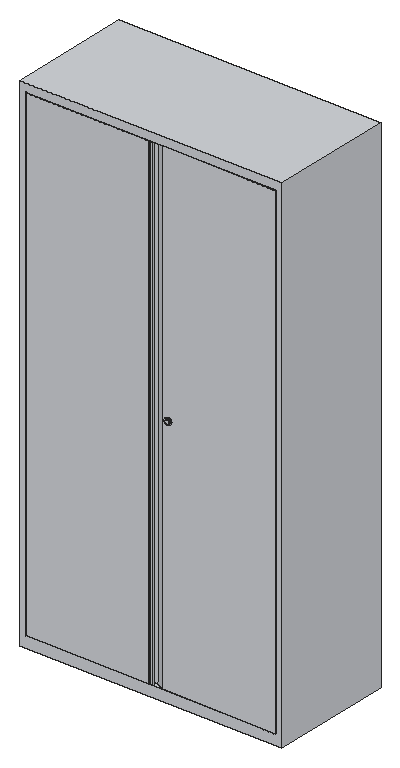
Revit family "BISLEY_SystemFile_Two_Door_Cupboards", category Furniture, Revit 2018
Family settings
  OmniClass Number = 23.40.20.00
  OmniClass Title = General Furniture and Specialties
  Work Plane-Based = No
  Always vertical = Yes
  Cut with Voids When Loaded = No
  Shared = No
  Room Calculation Point = No
Parameters (values of type "SYD10/6")
  Width = 1000 mm
  Warranty = "10 years"  # constant formula
  Uniclass2015Version = ""
  Uniclass2015Title = ""
  Uniclass 2015 Code = "PR_40_30_57"  # constant formula
  URL = "www.bisley.com"
  Training Requirements for Operational Use = "N/A"  # constant formula
  Routine Maintenance = "We recommend you clean your unit with warm water and a mild detergent solution. A damp cloth can be used to remove dust particles."  # constant formula
  Range = "SystemFile"  # constant formula
  Product Information = "Furniture"  # constant formula
  Model Reference = "SYD10/6"
  Model Number = ""
  Material = "Steel"  # constant formula
  Manufacturer = "Bisley"  # constant formula
  Height = 1947 mm
  Finish = "Powder Coated"  # constant formula
  Description = "Two Door Cupboard"  # constant formula
  Depth = 470 mm
  Compliance Standards Certification = "BS EN 14073 2004 Part 2 & 3, BS EN 14074, BS 4875 1998 Part 7 level 4 & Part 8, BS 476 Part 7 1987 Class 2Y"  # constant formula
  Category = "Cupboard"  # constant formula
  Author = "Bisley"  # constant formula
Types (17, lengths in mm): name | Width | URL | Model Reference | Height
  (no name) | 1000 | "www.bisley.com" | "SYD10/6" | 1947
  SYD08/2 | 800 | "www.bisley.com" | "SYD08/2" | 693
  SYD08/3 | 800 | "www.bisley.com" | "STD08/3" | 997
  SYD08/34 | 800 | "www.bisley.com" | "SYC08/34" | 1149
  SYD08/4 | 800 | "www.bisley.com" | "SYD08/4" | 1301
  SYD08/43 | 800 | "www.bisley.com" | "SYD08/43" | 1415
  SYD08/50 | 800 | "www.Bisley.com" | "SYD08/50" | 1643
  SYD08/54 | 800 | "www.bisley.com" | "SYD08/54" | 1795
  SYD08/6 | 800 | "www.bisley.com" | "SYC08/6" | 1947
  SYD10/2 | 1000 | "www.bisley.com" | "SYD10/2" | 693
  SYD10/3 | 1000 | "www.bisley.com" | "SYD10/3" | 997
  SYD10/34 | 1000 | "www.bisley.com" | "SYD10/34" | 1149
  SYD10/4 | 1000 | "www.bisley.com" | "SYD10/4" | 1301
  SYD10/43 | 1000 | "www.bisley.com" | "SYD10/43" | 1415
  SYD10/50 | 1000 | "www.bisley.com" | "SYD10/50" | 1643
  SYD10/54 | 1000 | "www.bisley.com" | "SYD10/54" | 1795
  SYD10/6 | 1000 | "www.bisley.com" | "SYD10/6" | 1947
Reference planes
  plane 1 "Center (Front/Back)": y = 0
  plane 2: z = 7
  plane 3 "Center (Left/Right)": x = 0
  plane 4: x = -500
  plane 5: x = 500
  plane 6: y = 235
  plane 7: y = -235
  plane 8: z = 1954
  plane 9: z = 20
  plane 10: z = 60
  plane 11: x = -480
  plane 12: x = 480
  plane 13: y = 230
  plane 14: y = -215
  plane 15: z = 63
  plane 16: x = -477
  plane 17: x = 415
  plane 18: x = -415
  plane 19: y = -190
  plane 20: y = 190
  plane 21: z = 974
  plane 22: z = 987
  plane 23: x = 477
Forms (mm)
  Extrusion 1, solid
    sketch origin (0, 0, 7) x (1, 0, 0) y (0, 1, 0)
      loop
        line (-500, 235) -> (-500, -235) -> (500, -235) -> (500, 235) -> (-500, 235)
    from 13 to 1947
  Extrusion 2, void
    sketch origin (0, 0, 0) x (1, 0, 0) y (0, 0, 1)
      loop
        line (-480, 1924) -> (-480, 60) -> (480, 60) -> (480, 1924) -> (-480, 1924)
    from -230 to 235
  Extrusion 3, solid, not visible
    sketch origin (-14, 0, -11.486) x (0, 0, -1) y (0, -1, 0)
      loop
        line (-375, 215) -> (-73.486, 215) -> (-73.486, 235) -> (-323.022, 235) -> (-358, 216.402) -> (-373.358, 216.402) -> (-373.358, 233.251) -> (-358, 233.251) -> (-358, 235) -> (-375, 235) -> (-375, 215)
    from -391 to 363
  Extrusion 4, solid
    sketch origin (0, 0, 7) x (1, 0, 0) y (0, 1, 0)
      loop
        circle (415, 190) r 25
      loop
        circle (415, -190) r 25
      loop
        circle (-415, -190) r 25
      loop
        circle (-415, 190) r 25
    from 0 to 9
  Extrusion 5, solid
    sketch origin (0, 0, 7) x (1, 0, 0) y (0, 1, 0)
      loop
        circle (-415, 190) r 10
      loop
        circle (415, 190) r 10
      loop
        circle (415, -190) r 10
      loop
        circle (-415, -190) r 10
    from 9 to 13
  Extrusion 6, solid
    sketch origin (0, 0, 63) x (1, 0, 0) y (0, 1, 0)
      loop
        line (14.375, -218.749) -> (46.285, -235.008) -> (477, -235.008) -> (477, -217.008) -> (-8.715, -217.008) -> (-8.715, -235.008) -> (8.285, -235.008) -> (8.285, -233.008) -> (-6.715, -233.008) -> (-6.715, -218.749) -> (14.375, -218.749)
    from 0 to 1858
  Extrusion 7, solid
    sketch origin (0, 0, 63) x (1, 0, 0) y (0, 1, 0)
      loop
        line (10, -217.008) -> (10, -215) -> (-47.124, -215) -> (-47.124, -217.037) -> (-477, -217.037) -> (-477, -235) -> (-10, -235) -> (-10, -217.008) -> (10, -217.008)
    from 0 to 1858
  Extrusion 8, solid
    sketch origin (-6.045, -197.637, 0) x (1, 0, 0) y (0, 0, 1)
      loop
        circle (70.806, 987) r 12.5
    from 37.363 to 40
  Extrusion 9, solid
    sketch origin (0.805, -201.037, 0) x (1, 0, 0) y (0, 0, 1)
      loop
        circle (64.248, 987) r 7.811
    from 36.599 to 38.335
Cuts and joins
  Extrusion 2 cuts Extrusion 1
Dimensions and locks
  equal spacing: plane 4, plane 3 "Center (Left/Right)", plane 5
  equal spacing: plane 6, plane 1 "Center (Front/Back)", plane 7
  "Width": plane 4 to plane 5
  "Depth": plane 6 to plane 7
  plane 9 to level = 13 mm
  locked: plane 10 to plane 9 at 40
  locked: plane 11 to plane 4 at 20
  locked: plane 5 to plane 12 at 20
  "Height": plane 8 to level
  locked: plane 13 to plane 6 at 5
  locked: plane 14 to cut or joined group of Extrusion 1, Extrusion 2 at 20
  plane 19 to plane 7 = 45 mm
  plane 6 to plane 20 = 45 mm
  plane 3 "Center (Left/Right)" to plane 16 = 477 mm
  cut or joined group of Extrusion 1, Extrusion 2 to plane 16 = 3 mm
  locked: level to cut or joined group of Extrusion 1, Extrusion 2 at 13
  locked: cut or joined group of Extrusion 1, Extrusion 2 to cut or joined group of Extrusion 1, Extrusion 2 at 30
  plane 3 "Center (Left/Right)" to Extrusion 6 = 477 mm
  locked: Extrusion 7 to plane 8 at 33
  locked: Extrusion 6 to plane 8 at 33
  equal spacing: plane 8, plane 22, plane 9
  locked: plane 12 to plane 23 at 3
  plane 11 to plane 18 = 65 mm
  plane 17 to plane 12 = 65 mm
  aligned and locked: level to plane 2
  aligned and locked: Extrusion 1 sketch curve to plane 6
  aligned and locked: plane 4 to Extrusion 1 sketch curve
  aligned and locked: plane 7 to Extrusion 1 sketch curve
  aligned and locked: Extrusion 1 sketch curve to plane 5
  aligned and locked: Extrusion 1 to plane 9
  aligned and locked: plane 8 to Extrusion 1
  aligned and locked: plane 11 to Extrusion 2 sketch curve
  aligned and locked: Extrusion 2 sketch curve to plane 10
  aligned and locked: Extrusion 2 sketch curve to plane 12
  aligned and locked: Extrusion 2 to plane 7
  aligned and locked: Extrusion 2 to plane 13
  aligned and locked: plane 23 to Extrusion 6
  aligned and locked: cut or joined group of Extrusion 1, Extrusion 2 to plane 11
  aligned and locked: plane 12 to cut or joined group of Extrusion 1, Extrusion 2
Automatic sketch dimensions
  Extrusion 3 sketch curve to Extrusion 3 sketch curve = 1.642 mm
  Extrusion 3 sketch curve to Extrusion 3 sketch curve = 15.358 mm  (x2)
  Extrusion 3 sketch curve to Extrusion 3 sketch curve = 34.978 mm
  Extrusion 3 sketch curve to Extrusion 3 sketch curve = 249.536 mm
  Extrusion 3 sketch curve to Extrusion 3 sketch curve = 1.402 mm
  Extrusion 3 sketch curve to Extrusion 3 sketch curve = 16.849 mm
  Extrusion 3 sketch curve to Extrusion 3 sketch curve = 1.749 mm
  Extrusion 3 sketch curve to Extrusion 3 sketch curve = 0 mm
  Extrusion 4 sketch curve to plane 18 = 0 mm  (x2)
  Extrusion 4 sketch curve to plane 17 = 0 mm  (x2)
  Extrusion 4 sketch curve to plane 19 = 0 mm  (x2)
  Extrusion 4 sketch curve to plane 20 = 0 mm  (x2)
  Extrusion 5 sketch curve to plane 18 = 0 mm  (x2)
  Extrusion 5 sketch curve to plane 17 = 0 mm  (x2)
  Extrusion 5 sketch curve to plane 19 = 0 mm  (x2)
  Extrusion 5 sketch curve to plane 20 = 0 mm  (x2)
  Extrusion 2 sketch curve to plane 8 = 30 mm
  Extrusion 6 sketch curve to plane 5 = 23 mm
  Extrusion 6 sketch curve to plane 7 = 0.008 mm  (x2)
  plane 3 "Center (Left/Right)" to Extrusion 6 sketch curve = 46.285 mm
  plane 7 to Extrusion 6 sketch curve = 1.992 mm
  plane 3 "Center (Left/Right)" to Extrusion 6 sketch curve = 8.285 mm
  Extrusion 6 sketch curve to plane 3 "Center (Left/Right)" = 6.715 mm
  Extrusion 6 sketch curve to Extrusion 6 sketch curve = 2 mm
  Extrusion 6 sketch curve to plane 14 = 2.008 mm
  plane 3 "Center (Left/Right)" to Extrusion 6 sketch curve = 14.375 mm
  Extrusion 6 sketch curve to Extrusion 6 sketch curve = 1.741 mm
  Extrusion 8 sketch curve to plane 22 = 0 mm
  plane 3 "Center (Left/Right)" to Extrusion 8 sketch curve = 64.761 mm
  Extrusion 9 sketch curve to plane 22 = 0 mm
  plane 3 "Center (Left/Right)" to Extrusion 9 sketch curve = 65.054 mm
  plane 4 to Extrusion 7 sketch curve = 23 mm
  Extrusion 7 sketch curve to plane 14 = 0 mm
  Extrusion 7 sketch curve to plane 7 = 0 mm
  Extrusion 7 sketch curve to plane 14 = 2.037 mm
  Extrusion 7 sketch curve to plane 3 "Center (Left/Right)" = 47.124 mm
  Extrusion 7 sketch curve to plane 14 = 2.008 mm
  Extrusion 7 sketch curve to plane 3 "Center (Left/Right)" = 10 mm
  plane 3 "Center (Left/Right)" to Extrusion 7 sketch curve = 10 mm
  radius of Extrusion 4 sketch curve = 25 mm  (x4)
  radius of Extrusion 5 sketch curve = 10 mm  (x4)
  radius of Extrusion 8 sketch curve = 12.5 mm
  radius of Extrusion 9 sketch curve = 7.811 mm
